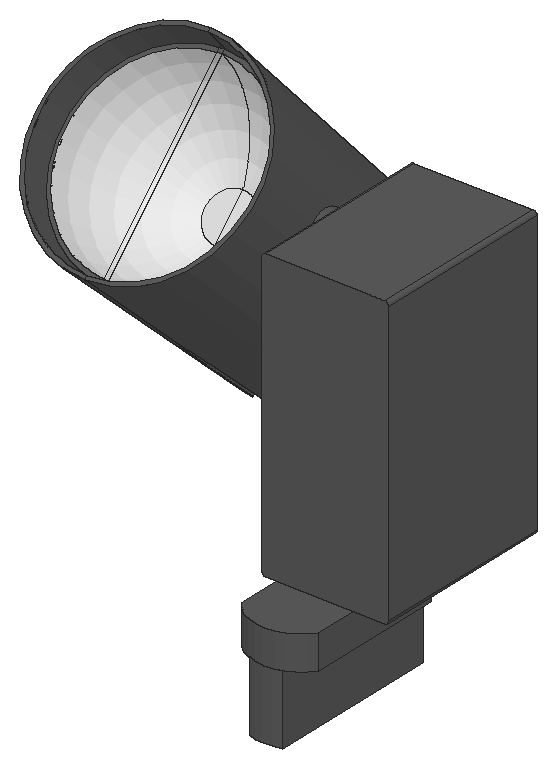
Revit family "0004887 Feilo Sylvania Lighting Fixture START TRACK SPOT S 24W 3K RA90 MB BLACK", category Lighting Fixtures, host Face, Revit 2017
Family settings
  Host = Face
  Round Connector Dimension = Use Diameter
  Part Type = Normal
  OmniClass Number = 23.80.70.00
  OmniClass Title = Lighting
  Cut with Voids When Loaded = No
  Light Source = No
  Shared = No
  Room Calculation Point = No
Parameters (values of type "0004887 START TRACK SPOT S 24W 3K RA90 MB BLACK")
  Weight = "0.966 kg"
  Wattage Comments = ""
  WarrantyStartDate [instance] = "n/a"
  WarrantyGuarantorParts = "n/a"
  WarrantyDurationUnit = "n/a"
  WarrantyDurationParts = "n/a"
  WarrantyDescription = "n/a"
  Voltage = 230 V
  URL = "http://www.sylvania-lighting.com"
  TypeName = "START TRACK SPOT S 24W 3K RA90 MB BLACK"
  TypeHead_FEILO = Start Track Spot Head : 0004887 START TRACK SPOT S 24W 3K RA90 MB BLACK
  TypeBox_FEILO = Start Track Spot Box : Type Small Black
  Type Image = <None>
  Type Comments = "n/a"
  VerticalRotation_FEILO [instance] = 0.00°
  SlideEndAngle_FEILO [instance] = VerticalRotation_FEILO + 180.00°  # 180.00°
  SerialNumber [instance] = "n/a"
  Material_3_FEILO = none
  PowerFactor = 0.95
  PowerConsumption = "24 W"
  NominalLength = 0 mm
  NominalHeight = 200 mm
  NominalDepth = 140 mm
  Name = "START TRACK SPOT S 24W 3K RA90 MB BLACK"
  ModelReference = Name  # "START TRACK SPOT S 24W 3K RA90 MB BLACK"
  ModelNumber = "0004887"
  Model = Name  # "START TRACK SPOT S 24W 3K RA90 MB BLACK"
  Material = "adc12 aluminium housing, polycarbonate diffuser"
  ManufacturerName = "Feilo Sylvania"
  Manufacturer = "Feilo Sylvania"
  LuminousEfficacy = "81 lm/W"
  LuminaireType = ""
  LightOutputRatio = "100"
  LampsType = Lamp  # "LED"
  LampNominalLuminous = "1944 lm"
  LampMacAdamStep = "3"
  LampColourTemperature = "3000 K"
  LampColourRenderingIndex = "90"
  Lamp = "LED"
  Keynote = "16500"
  InstallationDate [instance] = "n/a"
  InputVoltage = "230-240V~"
  InputNominalFrequency = "50/60 Hz"
  IngressProtection = "IP20"
  ImpactProtectionIndex = "IK02"
  IfcExportType = "IfcLightFixtureType"
  IfcExportAs = "IfcLightFixtureType"
  HorizontalRotation_FEILO [instance] = 45.00°
  ExpectedLife = 50000
  ElectricShockClassification = "Class II"
  DurationUnit = "hours"
  DocumentationLiterature = "http://www.sylvania-lighting.com/product/en-int/products/0004887"
  DimmingControlOptions = "Non dimmable"
  Material_2_FEILO = none
  Description = "Integrated LED spotlight, Textured Black - RAL9005, compact and minimalist design, ideal for retail applications, die-cast aluminium body, passive cooling heatsink. Beam angle: 36°, color temperature: 3000K , total system power: 24W, total fixture output: 1944 lm, LOR: 100%, colour rendering: Ra: 90 typical, LED Chromaticity: 3 step MacAdam ellipse, lifetime: >50000 hours at L70B50, energy class: A++, A+, A, IR/UV free light source without heat radiation, operating voltage: 220-240V / 50-60Hz, drive current: 600mA, electronic driver, non-dimmable, power factor: 0.95, electrical protection: Class II, Global Track 3 Phase adapter suitable for Global trac 3-circuit tracks, ingress protection rating: IP20, suitable for internal environment only, horizontal rotation: 355°, vertical tilt: 90°, dimensions: Ø86x140x200, weight: 0.966kg."
  Default Elevation = 1219.2 mm
  CreatedOn = "12/12/2017"
  CreatedBy = ""
  Cost = 0
  built-in parameter 1114216 [instance] = (empty or 0)
  ClassificationValue = "EF_70_80"
  ClassificationName = "Uniclass2015"
  Material_1_FEILO = Body-Sylvania-StartTrackSpot-Black
  BarCode [instance] = "n/a"
  AssetType = "Fixed"
  AssetIdentifier [instance] = "n/a"
  Assembly Code = "D5020200"
  Apparent Load = 24 VA
  Material_4_FEILO = none
Reference planes
  plane 1 "Center (Front/Back)": y = 0
  plane 2: z = 0
  plane 3 "Center (Left/Right)": x = 0
  plane 4: x = 15
  plane 5: x = -15
  plane 6: y = 35
  plane 7: y = -35
  plane 8: z = 13
  plane 9: z = -27
  plane 10: x = 6.5
  plane 11: x = -6.5
  plane 12: y = 27
  plane 13: y = -27
  plane 14: y = 20
Forms (mm)
  Extrusion 1, solid, material "Body-Sylvania-StartTrackSpot-Black" <- "Material_1_FEILO"
    sketch origin (0, 0, 0) x (1, 0, 0) y (0, 1, 0)
      loop
        line (-15, 27) -> (-15, -27)
        arc (-15, -27) -> (0, -35) -> (15, -27) r 18.062
        line (15, -27) -> (15, 27)
        arc (15, 27) -> (0, 35) -> (-15, 27) r 18.062
    from 0 to 13
  Extrusion 2, solid, material "Body-Sylvania-StartTrackSpot-Black" <- "Material_1_FEILO"
    sketch origin (0, 0, 0) x (1, 0, 0) y (0, 1, 0)
      loop
        arc (6.5, 33.79) -> (0, 35) -> (-6.5, 33.79) r 18.062
        line (-6.5, 33.79) -> (-6.5, -33.79)
        arc (-6.5, -33.79) -> (0, -35) -> (6.5, -33.79) r 18.062
        line (6.5, -33.79) -> (6.5, 33.79)
    from 0 to -27
  Revolve 3, solid, not visible
    sketch origin (1524, 20, 1219.2) x (1, 0, 0) y (0, 0, 1)
      loop
        line (-1524, -1206.2) -> (-1524, -1191.285) -> (-1530.5, -1191.285) -> (-1530.5, -1206.2) -> (-1524, -1206.2)
      axis (-1524, -1191.285) -> (-1524, -1206.2)
    angle from 0 <- "VerticalRotation_FEILO" to 180 <- "SlideEndAngle_FEILO"
Cuts and joins
  joined: Extrusion 1, Extrusion 2
Dimensions and locks
  equal spacing: plane 10, plane 3 "Center (Left/Right)", plane 11
  equal spacing: plane 4, plane 3 "Center (Left/Right)", plane 5
  locked: plane 8 to plane 2 at 13
  locked: plane 8 to plane 9 at 40
  equal spacing: plane 13, plane 1 "Center (Front/Back)", plane 12
  locked: plane 12 to plane 6 at 8
  locked: plane 14 to plane 6 at 15
  locked: Revolve 3 sketch curve to plane 8 at 14.915
  aligned and locked: plane 2 to host face
  aligned and locked: level to host face
  aligned and locked: plane 5 to Extrusion 1 sketch curve  (x2)
  aligned and locked: plane 12 to Extrusion 1 sketch curve
  aligned and locked: plane 13 to Extrusion 1 sketch curve
  aligned and locked: plane 4 to Extrusion 1 sketch curve
  aligned and locked: Extrusion 1 to plane 8
  aligned and locked: Extrusion 1 to level
  aligned and locked: Extrusion 2 sketch curve to Extrusion 1  (x2)
  aligned and locked: Extrusion 2 sketch curve to plane 11
  aligned and locked: plane 10 to Extrusion 2 sketch curve
  aligned and locked: plane 9 to Extrusion 2
  aligned and locked: level to Extrusion 2
  aligned and locked: Revolve 3 sketch curve to plane 3 "Center (Left/Right)"  (x2)
  aligned and locked: plane 11 to Revolve 3 sketch curve
  aligned and locked: Revolve 3 sketch curve to plane 8
Automatic sketch dimensions
  host sketch curve to host sketch curve = 2438.4 mm  (x2)
  Extrusion 1 sketch curve to plane 3 "Center (Left/Right)" = 0 mm  (x2)
  Extrusion 1 sketch curve to plane 13 = 10.062 mm
  plane 12 to Extrusion 1 sketch curve = 10.062 mm
  Revolve 3 sketch curve to plane 3 "Center (Left/Right)" = 0 mm
  plane 9 to Revolve 3 sketch curve = 582.6 mm
  Revolve 3 sketch curve to Revolve 3 sketch curve = 2581.144 mm
Nested families
  nested 1: "Start Track Spot Head" at (-62, 20, 112.529) x (0, 0.7071, 0.7071) z (0, 0.7071, -0.7071), type <- "TypeHead_FEILO", type "0004887 START TRACK SPOT S 24W 3K RA90 MB BLACK"
    with built-in parameter 1114216 (empty or 0)
  nested 2: "Start Track Spot Box" at (8.5, 20, 73) x (-1, 0, 0) z (0, -1, 0), BoxStartAngle_FEILO <- "HorizontalRotation_FEILO", type <- "TypeBox_FEILO", type "Type Small Black"
    with BoxStartAngle_FEILO 45.00°, BoxEndAngle_FEILO -135.00°
Connectors
  electrical at (0, 0, 0), driven by "Apparent Load", driven by "PowerFactor", driven by "Voltage"
    settings: index 1, voltage 230 V, apparent load 24 VA, apparent load phase1 0 VA, apparent load phase2 0 VA, apparent load phase3 0 VA, power factor 0.95, load classification "Lighting", number of poles 1, system type 30, power factor state 1, is connector primary yes, connector utility no, sub classification motor no, connector description ""
Definition of nested family "Start Track Spot Head"
  Parameters (values of type "0004811 START TRACK SPOT S 14W 3K RA80 NB WHITE")
    Wattage Comments = "n/a"
    Wattage = 14 W
    built-in parameter 1150110 = 1 (stored number, unit not read)
    URL = "http://www.feilosylvania.com"
    Type Image = (empty or 0)
    Type Comments = "n/a"
    built-in parameter 1114217 = 1 (stored number, unit not read)
    Tilt Angle = -90.00°
    built-in parameter 1150109 = 1 (stored number, unit not read)
    built-in parameter 1150134 = (empty or 0)
    built-in parameter 1150113 = 1 (stored number, unit not read)
    Photometric Web File = "0004811.ies"
    Material_3_FEILO = none
    Model = "START TRACK SPOT S 14W 3K RA80 NB WHITE"
    Manufacturer = "Feilo Sylvania"
    built-in parameter 1150105 = 123.66 (stored number, unit not read)
    Lumens = 1554 lm
    built-in parameter 1150115 = 1 (stored number, unit not read)
    built-in parameter 1150137 = (empty or 0)
    built-in parameter 1150139 = (empty or 0)
    built-in parameter 1150112 = 1 (stored number, unit not read)
    built-in parameter 1150114 = 1 (stored number, unit not read)
    Lamp = "LED"
    Keynote = "16500"
    Material_2_FEILO = none
    built-in parameter 1150132 = (empty or 0)
    built-in parameter 1150102 = (empty or 0)
    built-in parameter 1150107 = 3000 (stored number, unit not read)
    built-in parameter 1150138 = (empty or 0)
    built-in parameter 1150106 = 1.2366 (stored number, unit not read)
    HeadThickness_FEILO = if(HeadDiaOut_FEILO > 112 mm, 2 mm, 1.5 mm)  # 1.5 mm
    HeadRibOffset_FEILO = HeadHeight_FEILO / 28  # 4.179 mm
    HeadRibDepth_FEILO = HeadHeight_FEILO / 2.1  # 55.714 mm
    HeadRibCutWidth_FEILO = HeadDiaOut_FEILO / 12  # 7.167 mm
    HeadRibCutOffset_FEILO = HeadHeight_FEILO / 2.3  # 50.87 mm
    HeadReflectorRadius_FEILO = HeadDiaOut_FEILO / 1.7  # 50.588 mm
    HeadReflectorOffset_FEILO = HeadHeight_FEILO / 2.1  # 55.714 mm
    HeadLEDRadius_FEILO = HeadDiaOut_FEILO / 9  # 9.556 mm
    HeadHeight_FEILO = 117 mm
    HeadDraft_FEILO = 1 mm
    HeadDiffusorThickness_FEILO = 3 mm
    HeadDiffusorOffset_FEILO = HeadHeight_FEILO / 12.4  # 9.435 mm
    HeadDiaOut_FEILO = 86 mm
    HeadDiaIn_FEILO = HeadDiaOut_FEILO / 1.11  # 77.477 mm
    HeadAxisFromTop_FEILO = HeadHeight_FEILO / 1.687  # 69.354 mm
    Emit from Circle Diameter = HeadDiaIn_FEILO  # 77.477 mm
    Emit Shape Visible in Rendering = no
    built-in parameter 1150104 = 10.312 (stored number, unit not read)
    Dimming Lamp Color Temperature Shift = (empty or 0)
    Description = "Integrated LED spotlight, Textured White - RAL9016, compact and minimalist design, ideal for retail applications, die-cast aluminium body, passive cooling heatsink. Beam angle: 12°, color temperature: 3000K , total system power: 14W, total fixture output: 1551 lm, LOR: 100%, colour rendering: Ra: 80 typical, LED Chromaticity: 3 step MacAdam ellipse, lifetime: >50000 hours at L70B50, energy class: A++, A+, A, IR/UV free light source without heat radiation, operating voltage: 220-240V / 50-60Hz, drive current: 350mA, electronic driver, non-dimmable, power factor: 0.92, electrical protection: Class II, Global Track 3 Phase adapter suitable for Global trac 3-circuit tracks, ingress protection rating: IP20, suitable for internal environment only, horizontal rotation: 355°, vertical tilt: 90°, dimensions: Ø86x140x200, weight: 0.940kg."
    Default Elevation = 1219.2 mm
    Cost = 0
    Color Filter = 16777215
    built-in parameter 1114216 [instance] = (empty or 0)
    Material_1_FEILO = none
    built-in parameter 1114218 = 1 (stored number, unit not read)
    built-in parameter 1150133 = 10 (stored number, unit not read)
    Assembly Code = "D5020200"
    Apparent Load = 14 VA
    Material_4_FEILO = none
  Types (96, lengths in mm): name | Wattage | built-in parameter 1150134 | Photometric Web File | Model | built-in parameter 1150105 | Lumens | built-in parameter 1150107 | built-in parameter 1150106 | HeadThickness_FEILO | HeadRibOffset_FEILO | HeadRibDepth_FEILO | HeadRibCutWidth_FEILO | HeadRibCutOffset_FEILO | HeadReflectorRadius_FEILO | HeadReflectorOffset_FEILO | HeadLEDRadius_FEILO | HeadHeight_FEILO | HeadDiffusorOffset_FEILO | HeadDiaOut_FEILO | HeadDiaIn_FEILO | HeadAxisFromTop_FEILO | Emit from Circle Diameter | built-in parameter 1150104 | Description | Apparent Load
    0004906 START TRACK SPOT L 55W 4K RA90 WB BLACK | 55 W | 12 | "0004906.ies" | "START TRACK SPOT L 55W 4K RA90 WB BLACK" | 385.15 (stored number, unit not read) | 4840 lm | 4000 (stored number, unit not read) | 3.8515 (stored number, unit not read) | 2 | 4.429 | 59.048 | 9.417 | 53.913 | 66.471 | 59.048 | 12.556 | 124 | 10 | 113 | 101.802 | 73.503 | 101.802 | 8.1755 (stored number, unit not read) | "Integrated LED spotlight, Textured Black - RAL9005, compact and minimalist design, ideal for retail applications, die-cast aluminium body, passive cooling heatsink. Beam angle: 52°, color temperature: 4000K , total system power: 55W, total fixture output: 4824 lm, LOR: 100%, colour rendering: Ra: 90 typical, LED Chromaticity: 3 step MacAdam ellipse, lifetime: >50000 hours at L70B50, energy class: A++, A+, A, IR/UV free light source without heat radiation, operating voltage: 220-240V / 50-60Hz, drive current: 1400mA, electronic driver, non-dimmable, power factor: 0.96, electrical protection: Class II, Global Track 3 Phase adapter suitable for Global trac 3-circuit tracks, ingress protection rating: IP20, suitable for internal environment only, horizontal rotation: 355°, vertical tilt: 90°, dimensions: Ø113x164x240, weight: 1.398kg." | 55 VA
    0004905 START TRACK SPOT L 55W 4K RA90 MB BLACK | 55 W | 12 | "0004905.ies" | "START TRACK SPOT L 55W 4K RA90 MB BLACK" | 389.53 (stored number, unit not read) | 4895 lm | 4000 (stored number, unit not read) | 3.8953 (stored number, unit not read) | 2 | 4.429 | 59.048 | 9.417 | 53.913 | 66.471 | 59.048 | 12.556 | 124 | 10 | 113 | 101.802 | 73.503 | 101.802 | 8.2684 (stored number, unit not read) | "Integrated LED spotlight, Textured Black - RAL9005, compact and minimalist design, ideal for retail applications, die-cast aluminium body, passive cooling heatsink. Beam angle: 38°, color temperature: 4000K , total system power: 55W, total fixture output: 4897 lm, LOR: 100%, colour rendering: Ra: 90 typical, LED Chromaticity: 3 step MacAdam ellipse, lifetime: >50000 hours at L70B50, energy class: A++, A+, A, IR/UV free light source without heat radiation, operating voltage: 220-240V / 50-60Hz, drive current: 1400mA, electronic driver, non-dimmable, power factor: 0.96, electrical protection: Class II, Global Track 3 Phase adapter suitable for Global trac 3-circuit tracks, ingress protection rating: IP20, suitable for internal environment only, horizontal rotation: 355°, vertical tilt: 90°, dimensions: Ø113x164x240, weight: 1.398kg." | 55 VA
    0004904 START TRACK SPOT L 55W 4K RA90 NB BLACK | 55 W | 12 | "0004904.ies" | "START TRACK SPOT L 55W 4K RA90 NB BLACK" | 393.91 (stored number, unit not read) | 4950 lm | 4000 (stored number, unit not read) | 3.9391 (stored number, unit not read) | 2 | 4.429 | 59.048 | 9.417 | 53.913 | 66.471 | 59.048 | 12.556 | 124 | 10 | 113 | 101.802 | 73.503 | 101.802 | 8.3613 (stored number, unit not read) | "Integrated LED spotlight, Textured Black - RAL9005, compact and minimalist design, ideal for retail applications, die-cast aluminium body, passive cooling heatsink. Beam angle: 15°, color temperature: 4000K , total system power: 55W, total fixture output: 4965 lm, LOR: 100%, colour rendering: Ra: 90 typical, LED Chromaticity: 3 step MacAdam ellipse, lifetime: >50000 hours at L70B50, energy class: A++, A+, A, IR/UV free light source without heat radiation, operating voltage: 220-240V / 50-60Hz, drive current: 1400mA, electronic driver, non-dimmable, power factor: 0.96, electrical protection: Class II, Global Track 3 Phase adapter suitable for Global trac 3-circuit tracks, ingress protection rating: IP20, suitable for internal environment only, horizontal rotation: 355°, vertical tilt: 90°, dimensions: Ø113x164x240, weight: 1.398kg." | 55 VA
    0004903 START TRACK SPOT L 35W 4K RA90 WB BLACK | 35 W | 12 | "0004903.ies" | "START TRACK SPOT L 35W 4K RA90 WB BLACK" | 284.09 (stored number, unit not read) | 3570 lm | 4000 (stored number, unit not read) | 2.8409 (stored number, unit not read) | 2 | 4.429 | 59.048 | 9.417 | 53.913 | 66.471 | 59.048 | 12.556 | 124 | 10 | 113 | 101.802 | 73.503 | 101.802 | 9.4761 (stored number, unit not read) | "Integrated LED spotlight, Textured Black - RAL9005, compact and minimalist design, ideal for retail applications, die-cast aluminium body, passive cooling heatsink. Beam angle: 52°, color temperature: 4000K , total system power: 35W, total fixture output: 3562 lm, LOR: 100%, colour rendering: Ra: 90 typical, LED Chromaticity: 3 step MacAdam ellipse, lifetime: >50000 hours at L70B50, energy class: A++, A+, A, IR/UV free light source without heat radiation, operating voltage: 220-240V / 50-60Hz, drive current: 900mA, electronic driver, non-dimmable, power factor: 0.93, electrical protection: Class II, Global Track 3 Phase adapter suitable for Global trac 3-circuit tracks, ingress protection rating: IP20, suitable for internal environment only, horizontal rotation: 355°, vertical tilt: 90°, dimensions: Ø113x164x240, weight: 1.368kg." | 35 VA
    0004902 START TRACK SPOT L 35W 4K RA90 MB BLACK | 35 W | 12 | "0004902.ies" | "START TRACK SPOT L 35W 4K RA90 MB BLACK" | 286.88 (stored number, unit not read) | 3605 lm | 4000 (stored number, unit not read) | 2.8688 (stored number, unit not read) | 2 | 4.429 | 59.048 | 9.417 | 53.913 | 66.471 | 59.048 | 12.556 | 124 | 10 | 113 | 101.802 | 73.503 | 101.802 | 9.569 (stored number, unit not read) | "Integrated LED spotlight, Textured Black - RAL9005, compact and minimalist design, ideal for retail applications, die-cast aluminium body, passive cooling heatsink. Beam angle: 38°, color temperature: 4000K , total system power: 35W, total fixture output: 3616 lm, LOR: 100%, colour rendering: Ra: 90 typical, LED Chromaticity: 3 step MacAdam ellipse, lifetime: >50000 hours at L70B50, energy class: A++, A+, A, IR/UV free light source without heat radiation, operating voltage: 220-240V / 50-60Hz, drive current: 900mA, electronic driver, non-dimmable, power factor: 0.93, electrical protection: Class II, Global Track 3 Phase adapter suitable for Global trac 3-circuit tracks, ingress protection rating: IP20, suitable for internal environment only, horizontal rotation: 355°, vertical tilt: 90°, dimensions: Ø113x164x240, weight: 1.368kg." | 35 VA
    0004901 START TRACK SPOT L 35W 4K RA90 NB BLACK | 35 W | 12 | "0004901.ies" | "START TRACK SPOT L 35W 4K RA90 NB BLACK" | 286.88 (stored number, unit not read) | 3605 lm | 4000 (stored number, unit not read) | 2.8688 (stored number, unit not read) | 2 | 4.429 | 59.048 | 9.417 | 53.913 | 66.471 | 59.048 | 12.556 | 124 | 10 | 113 | 101.802 | 73.503 | 101.802 | 9.569 (stored number, unit not read) | "Integrated LED spotlight, Textured Black - RAL9005, compact and minimalist design, ideal for retail applications, die-cast aluminium body, passive cooling heatsink. Beam angle: 15°, color temperature: 4000K , total system power: 35W, total fixture output: 3593 lm, LOR: 100%, colour rendering: Ra: 90 typical, LED Chromaticity: 3 step MacAdam ellipse, lifetime: >50000 hours at L70B50, energy class: A++, A+, A, IR/UV free light source without heat radiation, operating voltage: 220-240V / 50-60Hz, drive current: 900mA, electronic driver, non-dimmable, power factor: 0.93, electrical protection: Class II, Global Track 3 Phase adapter suitable for Global trac 3-circuit tracks, ingress protection rating: IP20, suitable for internal environment only, horizontal rotation: 355°, vertical tilt: 90°, dimensions: Ø113x164x240, weight: 1.368kg." | 35 VA
    0004900 START TRACK SPOT S 24W 4K RA90 WB BLACK | 24 W | 12 | "0004900.ies" | "START TRACK SPOT S 24W 4K RA90 WB BLACK" | 166.16 (stored number, unit not read) | 2088 lm | 4000 (stored number, unit not read) | 1.6616 (stored number, unit not read) | 1.5 | 4.179 | 55.714 | 7.167 | 50.87 | 50.588 | 55.714 | 9.556 | 117 | 9.435 | 86 | 77.477 | 69.354 | 77.477 | 8.0826 (stored number, unit not read) | "Integrated LED spotlight, Textured Black - RAL9005, compact and minimalist design, ideal for retail applications, die-cast aluminium body, passive cooling heatsink. Beam angle: 64°, color temperature: 4000K , total system power: 24W, total fixture output: 2087 lm, LOR: 100%, colour rendering: Ra: 90 typical, LED Chromaticity: 3 step MacAdam ellipse, lifetime: >50000 hours at L70B50, energy class: A++, A+, A, IR/UV free light source without heat radiation, operating voltage: 220-240V / 50-60Hz, drive current: 600mA, electronic driver, non-dimmable, power factor: 0.95, electrical protection: Class II, Global Track 3 Phase adapter suitable for Global trac 3-circuit tracks, ingress protection rating: IP20, suitable for internal environment only, horizontal rotation: 355°, vertical tilt: 90°, dimensions: Ø86x140x200, weight: 0.966kg." | 24 VA
    0004899 START TRACK SPOT S 24W 4K RA90 MB BLACK | 24 W | 12 | "0004899.ies" | "START TRACK SPOT S 24W 4K RA90 MB BLACK" | 169.98 (stored number, unit not read) | 2136 lm | 4000 (stored number, unit not read) | 1.6998 (stored number, unit not read) | 1.5 | 4.179 | 55.714 | 7.167 | 50.87 | 50.588 | 55.714 | 9.556 | 117 | 9.435 | 86 | 77.477 | 69.354 | 77.477 | 8.2684 (stored number, unit not read) | "Integrated LED spotlight, Textured Black - RAL9005, compact and minimalist design, ideal for retail applications, die-cast aluminium body, passive cooling heatsink. Beam angle: 36°, color temperature: 4000K , total system power: 24W, total fixture output: 2141 lm, LOR: 100%, colour rendering: Ra: 90 typical, LED Chromaticity: 3 step MacAdam ellipse, lifetime: >50000 hours at L70B50, energy class: A++, A+, A, IR/UV free light source without heat radiation, operating voltage: 220-240V / 50-60Hz, drive current: 600mA, electronic driver, non-dimmable, power factor: 0.95, electrical protection: Class II, Global Track 3 Phase adapter suitable for Global trac 3-circuit tracks, ingress protection rating: IP20, suitable for internal environment only, horizontal rotation: 355°, vertical tilt: 90°, dimensions: Ø86x140x200, weight: 0.966kg." | 24 VA
    0004898 START TRACK SPOT S 24W 4K RA90 NB BLACK | 24 W | 12 | "0004898.ies" | "START TRACK SPOT S 24W 4K RA90 NB BLACK" | 171.89 (stored number, unit not read) | 2160 lm | 4000 (stored number, unit not read) | 1.7189 (stored number, unit not read) | 1.5 | 4.179 | 55.714 | 7.167 | 50.87 | 50.588 | 55.714 | 9.556 | 117 | 9.435 | 86 | 77.477 | 69.354 | 77.477 | 8.3613 (stored number, unit not read) | "Integrated LED spotlight, Textured Black - RAL9005, compact and minimalist design, ideal for retail applications, die-cast aluminium body, passive cooling heatsink. Beam angle: 12°, color temperature: 4000K , total system power: 24W, total fixture output: 2155 lm, LOR: 100%, colour rendering: Ra: 90 typical, LED Chromaticity: 3 step MacAdam ellipse, lifetime: >50000 hours at L70B50, energy class: A++, A+, A, IR/UV free light source without heat radiation, operating voltage: 220-240V / 50-60Hz, drive current: 600mA, electronic driver, non-dimmable, power factor: 0.95, electrical protection: Class II, Global Track 3 Phase adapter suitable for Global trac 3-circuit tracks, ingress protection rating: IP20, suitable for internal environment only, horizontal rotation: 355°, vertical tilt: 90°, dimensions: Ø86x140x200, weight: 0.966kg." | 24 VA
    0004897 START TRACK SPOT S 14W 4K RA90 WB BLACK | 14 W | 12 | "0004897.ies" | "START TRACK SPOT S 14W 4K RA90 WB BLACK" | 108.07 (stored number, unit not read) | 1358 lm | 4000 (stored number, unit not read) | 1.0807 (stored number, unit not read) | 1.5 | 4.179 | 55.714 | 7.167 | 50.87 | 50.588 | 55.714 | 9.556 | 117 | 9.435 | 86 | 77.477 | 69.354 | 77.477 | 9.0116 (stored number, unit not read) | "Integrated LED spotlight, Textured Black - RAL9005, compact and minimalist design, ideal for retail applications, die-cast aluminium body, passive cooling heatsink. Beam angle: 64°, color temperature: 4000K , total system power: 14W, total fixture output: 1352 lm, LOR: 100%, colour rendering: Ra: 90 typical, LED Chromaticity: 3 step MacAdam ellipse, lifetime: >50000 hours at L70B50, energy class: A++, A+, A, IR/UV free light source without heat radiation, operating voltage: 220-240V / 50-60Hz, drive current: 350mA, electronic driver, non-dimmable, power factor: 0.92, electrical protection: Class II, Global Track 3 Phase adapter suitable for Global trac 3-circuit tracks, ingress protection rating: IP20, suitable for internal environment only, horizontal rotation: 355°, vertical tilt: 90°, dimensions: Ø86x140x200, weight: 0.940kg." | 14 VA
    0004896 START TRACK SPOT S 14W 4K RA90 MB BLACK | 14 W | 12 | "0004896.ies" | "START TRACK SPOT S 14W 4K RA90 MB BLACK" | 108.07 (stored number, unit not read) | 1358 lm | 4000 (stored number, unit not read) | 1.0807 (stored number, unit not read) | 1.5 | 4.179 | 55.714 | 7.167 | 50.87 | 50.588 | 55.714 | 9.556 | 117 | 9.435 | 86 | 77.477 | 69.354 | 77.477 | 9.0116 (stored number, unit not read) | "Integrated LED spotlight, Textured Black - RAL9005, compact and minimalist design, ideal for retail applications, die-cast aluminium body, passive cooling heatsink. Beam angle: 36°, color temperature: 4000K , total system power: 14W, total fixture output: 1359 lm, LOR: 100%, colour rendering: Ra: 90 typical, LED Chromaticity: 3 step MacAdam ellipse, lifetime: >50000 hours at L70B50, energy class: A++, A+, A, IR/UV free light source without heat radiation, operating voltage: 220-240V / 50-60Hz, drive current: 350mA, electronic driver, non-dimmable, power factor: 0.92, electrical protection: Class II, Global Track 3 Phase adapter suitable for Global trac 3-circuit tracks, ingress protection rating: IP20, suitable for internal environment only, horizontal rotation: 355°, vertical tilt: 90°, dimensions: Ø86x140x200, weight: 0.940kg." | 14 VA
    0004895 START TRACK SPOT S 14W 4K RA90 NB BLACK | 14 W | 12 | "0004895.ies" | "START TRACK SPOT S 14W 4K RA90 NB BLACK" | 106.95 (stored number, unit not read) | 1344 lm | 4000 (stored number, unit not read) | 1.0695 (stored number, unit not read) | 1.5 | 4.179 | 55.714 | 7.167 | 50.87 | 50.588 | 55.714 | 9.556 | 117 | 9.435 | 86 | 77.477 | 69.354 | 77.477 | 8.9187 (stored number, unit not read) | "Integrated LED spotlight, Textured Black - RAL9005, compact and minimalist design, ideal for retail applications, die-cast aluminium body, passive cooling heatsink. Beam angle: 12°, color temperature: 4000K , total system power: 14W, total fixture output: 1349 lm, LOR: 100%, colour rendering: Ra: 90 typical, LED Chromaticity: 3 step MacAdam ellipse, lifetime: >50000 hours at L70B50, energy class: A++, A+, A, IR/UV free light source without heat radiation, operating voltage: 220-240V / 50-60Hz, drive current: 350mA, electronic driver, non-dimmable, power factor: 0.92, electrical protection: Class II, Global Track 3 Phase adapter suitable for Global trac 3-circuit tracks, ingress protection rating: IP20, suitable for internal environment only, horizontal rotation: 355°, vertical tilt: 90°, dimensions: Ø86x140x200, weight: 0.940kg." | 14 VA
    0004894 START TRACK SPOT L 55W 3K RA90 WB BLACK | 55 W | (empty or 0) | "0004894.ies" | "START TRACK SPOT L 55W 3K RA90 WB BLACK" | 350.14 (stored number, unit not read) | 4400 lm | 3000 (stored number, unit not read) | 3.5014 (stored number, unit not read) | 2 | 4.429 | 59.048 | 9.417 | 53.913 | 66.471 | 59.048 | 12.556 | 124 | 10 | 113 | 101.802 | 73.503 | 101.802 | 7.4322 (stored number, unit not read) | "Integrated LED spotlight, Textured Black - RAL9005, compact and minimalist design, ideal for retail applications, die-cast aluminium body, passive cooling heatsink. Beam angle: 52°, color temperature: 3000K , total system power: 55W, total fixture output: 4405 lm, LOR: 100%, colour rendering: Ra: 90 typical, LED Chromaticity: 3 step MacAdam ellipse, lifetime: >50000 hours at L70B50, energy class: A++, A+, A, IR/UV free light source without heat radiation, operating voltage: 220-240V / 50-60Hz, drive current: 1400mA, electronic driver, non-dimmable, power factor: 0.96, electrical protection: Class II, Global Track 3 Phase adapter suitable for Global trac 3-circuit tracks, ingress protection rating: IP20, suitable for internal environment only, horizontal rotation: 355°, vertical tilt: 90°, dimensions: Ø113x164x240, weight: 1.398kg." | 55 VA
    0004893 START TRACK SPOT L 55W 3K RA90 MB BLACK | 55 W | (empty or 0) | "0004893.ies" | "START TRACK SPOT L 55W 3K RA90 MB BLACK" | 354.52 (stored number, unit not read) | 4455 lm | 3000 (stored number, unit not read) | 3.5452 (stored number, unit not read) | 2 | 4.429 | 59.048 | 9.417 | 53.913 | 66.471 | 59.048 | 12.556 | 124 | 10 | 113 | 101.802 | 73.503 | 101.802 | 7.5251 (stored number, unit not read) | "Integrated LED spotlight, Textured Black - RAL9005, compact and minimalist design, ideal for retail applications, die-cast aluminium body, passive cooling heatsink. Beam angle: 38°, color temperature: 3000K , total system power: 55W, total fixture output: 4448 lm, LOR: 100%, colour rendering: Ra: 90 typical, LED Chromaticity: 3 step MacAdam ellipse, lifetime: >50000 hours at L70B50, energy class: A++, A+, A, IR/UV free light source without heat radiation, operating voltage: 220-240V / 50-60Hz, drive current: 1400mA, electronic driver, non-dimmable, power factor: 0.96, electrical protection: Class II, Global Track 3 Phase adapter suitable for Global trac 3-circuit tracks, ingress protection rating: IP20, suitable for internal environment only, horizontal rotation: 355°, vertical tilt: 90°, dimensions: Ø113x164x240, weight: 1.398kg." | 55 VA
    0004892 START TRACK SPOT L 55W 3K RA90 NB BLACK | 55 W | (empty or 0) | "0004892.ies" | "START TRACK SPOT L 55W 3K RA90 NB BLACK" | 350.14 (stored number, unit not read) | 4400 lm | 3000 (stored number, unit not read) | 3.5014 (stored number, unit not read) | 2 | 4.429 | 59.048 | 9.417 | 53.913 | 66.471 | 59.048 | 12.556 | 124 | 10 | 113 | 101.802 | 73.503 | 101.802 | 7.4322 (stored number, unit not read) | "Integrated LED spotlight, Textured Black - RAL9005, compact and minimalist design, ideal for retail applications, die-cast aluminium body, passive cooling heatsink. Beam angle: 15°, color temperature: 3000K , total system power: 55W, total fixture output: 4416 lm, LOR: 100%, colour rendering: Ra: 90 typical, LED Chromaticity: 3 step MacAdam ellipse, lifetime: >50000 hours at L70B50, energy class: A++, A+, A, IR/UV free light source without heat radiation, operating voltage: 220-240V / 50-60Hz, drive current: 1400mA, electronic driver, non-dimmable, power factor: 0.96, electrical protection: Class II, Global Track 3 Phase adapter suitable for Global trac 3-circuit tracks, ingress protection rating: IP20, suitable for internal environment only, horizontal rotation: 355°, vertical tilt: 90°, dimensions: Ø113x164x240, weight: 1.398kg." | 55 VA
    0004891 START TRACK SPOT L 35W 3K RA90 WB BLACK | 35 W | (empty or 0) | "0004891.ies" | "START TRACK SPOT L 35W 3K RA90 WB BLACK" | 259.02 (stored number, unit not read) | 3255 lm | 3000 (stored number, unit not read) | 2.5902 (stored number, unit not read) | 2 | 4.429 | 59.048 | 9.417 | 53.913 | 66.471 | 59.048 | 12.556 | 124 | 10 | 113 | 101.802 | 73.503 | 101.802 | 8.64 (stored number, unit not read) | "Integrated LED spotlight, Textured Black - RAL9005, compact and minimalist design, ideal for retail applications, die-cast aluminium body, passive cooling heatsink. Beam angle: 52°, color temperature: 3000K , total system power: 35W, total fixture output: 3260 lm, LOR: 100%, colour rendering: Ra: 90 typical, LED Chromaticity: 3 step MacAdam ellipse, lifetime: >50000 hours at L70B50, energy class: A++, A+, A, IR/UV free light source without heat radiation, operating voltage: 220-240V / 50-60Hz, drive current: 900mA, electronic driver, non-dimmable, power factor: 0.93, electrical protection: Class II, Global Track 3 Phase adapter suitable for Global trac 3-circuit tracks, ingress protection rating: IP20, suitable for internal environment only, horizontal rotation: 355°, vertical tilt: 90°, dimensions: Ø113x164x240, weight: 1.368kg." | 35 VA
    0004890 START TRACK SPOT L 35W 3K RA90 MB BLACK | 35 W | (empty or 0) | "0004890.ies" | "START TRACK SPOT L 35W 3K RA90 MB BLACK" | 261.81 (stored number, unit not read) | 3290 lm | 3000 (stored number, unit not read) | 2.6181 (stored number, unit not read) | 2 | 4.429 | 59.048 | 9.417 | 53.913 | 66.471 | 59.048 | 12.556 | 124 | 10 | 113 | 101.802 | 73.503 | 101.802 | 8.7329 (stored number, unit not read) | "Integrated LED spotlight, Textured Black - RAL9005, compact and minimalist design, ideal for retail applications, die-cast aluminium body, passive cooling heatsink. Beam angle: 38°, color temperature: 3000K , total system power: 35W, total fixture output: 3306 lm, LOR: 100%, colour rendering: Ra: 90 typical, LED Chromaticity: 3 step MacAdam ellipse, lifetime: >50000 hours at L70B50, energy class: A++, A+, A, IR/UV free light source without heat radiation, operating voltage: 220-240V / 50-60Hz, drive current: 900mA, electronic driver, non-dimmable, power factor: 0.93, electrical protection: Class II, Global Track 3 Phase adapter suitable for Global trac 3-circuit tracks, ingress protection rating: IP20, suitable for internal environment only, horizontal rotation: 355°, vertical tilt: 90°, dimensions: Ø113x164x240, weight: 1.368kg." | 35 VA
    0004889 START TRACK SPOT L 35W 3K RA90 NB BLACK | 35 W | (empty or 0) | "0004889.ies" | "START TRACK SPOT L 35W 3K RA90 NB BLACK" | 261.81 (stored number, unit not read) | 3290 lm | 3000 (stored number, unit not read) | 2.6181 (stored number, unit not read) | 2 | 4.429 | 59.048 | 9.417 | 53.913 | 66.471 | 59.048 | 12.556 | 124 | 10 | 113 | 101.802 | 73.503 | 101.802 | 8.7329 (stored number, unit not read) | "Integrated LED spotlight, Textured Black - RAL9005, compact and minimalist design, ideal for retail applications, die-cast aluminium body, passive cooling heatsink. Beam angle: 15°, color temperature: 3000K , total system power: 35W, total fixture output: 3287 lm, LOR: 100%, colour rendering: Ra: 90 typical, LED Chromaticity: 3 step MacAdam ellipse, lifetime: >50000 hours at L70B50, energy class: A++, A+, A, IR/UV free light source without heat radiation, operating voltage: 220-240V / 50-60Hz, drive current: 900mA, electronic driver, non-dimmable, power factor: 0.93, electrical protection: Class II, Global Track 3 Phase adapter suitable for Global trac 3-circuit tracks, ingress protection rating: IP20, suitable for internal environment only, horizontal rotation: 355°, vertical tilt: 90°, dimensions: Ø113x164x240, weight: 1.368kg." | 35 VA
    0004888 START TRACK SPOT S 24W 3K RA90 WB BLACK | 24 W | (empty or 0) | "0004888.ies" | "START TRACK SPOT S 24W 3K RA90 WB BLACK" | 152.79 (stored number, unit not read) | 1920 lm | 3000 (stored number, unit not read) | 1.5279 (stored number, unit not read) | 1.5 | 4.179 | 55.714 | 7.167 | 50.87 | 50.588 | 55.714 | 9.556 | 117 | 9.435 | 86 | 77.477 | 69.354 | 77.477 | 7.4322 (stored number, unit not read) | "Integrated LED spotlight, Textured Black - RAL9005, compact and minimalist design, ideal for retail applications, die-cast aluminium body, passive cooling heatsink. Beam angle: 64°, color temperature: 3000K , total system power: 24W, total fixture output: 1928 lm, LOR: 100%, colour rendering: Ra: 90 typical, LED Chromaticity: 3 step MacAdam ellipse, lifetime: >50000 hours at L70B50, energy class: A++, A+, A, IR/UV free light source without heat radiation, operating voltage: 220-240V / 50-60Hz, drive current: 600mA, electronic driver, non-dimmable, power factor: 0.95, electrical protection: Class II, Global Track 3 Phase adapter suitable for Global trac 3-circuit tracks, ingress protection rating: IP20, suitable for internal environment only, horizontal rotation: 355°, vertical tilt: 90°, dimensions: Ø86x140x200, weight: 0.966kg." | 24 VA
    0004887 START TRACK SPOT S 24W 3K RA90 MB BLACK | 24 W | (empty or 0) | "0004887.ies" | "START TRACK SPOT S 24W 3K RA90 MB BLACK" | 154.7 (stored number, unit not read) | 1944 lm | 3000 (stored number, unit not read) | 1.547 (stored number, unit not read) | 1.5 | 4.179 | 55.714 | 7.167 | 50.87 | 50.588 | 55.714 | 9.556 | 117 | 9.435 | 86 | 77.477 | 69.354 | 77.477 | 7.5251 (stored number, unit not read) | "Integrated LED spotlight, Textured Black - RAL9005, compact and minimalist design, ideal for retail applications, die-cast aluminium body, passive cooling heatsink. Beam angle: 36°, color temperature: 3000K , total system power: 24W, total fixture output: 1944 lm, LOR: 100%, colour rendering: Ra: 90 typical, LED Chromaticity: 3 step MacAdam ellipse, lifetime: >50000 hours at L70B50, energy class: A++, A+, A, IR/UV free light source without heat radiation, operating voltage: 220-240V / 50-60Hz, drive current: 600mA, electronic driver, non-dimmable, power factor: 0.95, electrical protection: Class II, Global Track 3 Phase adapter suitable for Global trac 3-circuit tracks, ingress protection rating: IP20, suitable for internal environment only, horizontal rotation: 355°, vertical tilt: 90°, dimensions: Ø86x140x200, weight: 0.966kg." | 24 VA
    0004886 START TRACK SPOT S 24W 3K RA90 NB BLACK | 24 W | (empty or 0) | "0004886.ies" | "START TRACK SPOT S 24W 3K RA90 NB BLACK" | 158.52 (stored number, unit not read) | 1992 lm | 3000 (stored number, unit not read) | 1.5852 (stored number, unit not read) | 1.5 | 4.179 | 55.714 | 7.167 | 50.87 | 50.588 | 55.714 | 9.556 | 117 | 9.435 | 86 | 77.477 | 69.354 | 77.477 | 7.711 (stored number, unit not read) | "Integrated LED spotlight, Textured Black - RAL9005, compact and minimalist design, ideal for retail applications, die-cast aluminium body, passive cooling heatsink. Beam angle: 12°, color temperature: 3000K , total system power: 24W, total fixture output: 1987 lm, LOR: 100%, colour rendering: Ra: 90 typical, LED Chromaticity: 3 step MacAdam ellipse, lifetime: >50000 hours at L70B50, energy class: A++, A+, A, IR/UV free light source without heat radiation, operating voltage: 220-240V / 50-60Hz, drive current: 600mA, electronic driver, non-dimmable, power factor: 0.95, electrical protection: Class II, Global Track 3 Phase adapter suitable for Global trac 3-circuit tracks, ingress protection rating: IP20, suitable for internal environment only, horizontal rotation: 355°, vertical tilt: 90°, dimensions: Ø86x140x200, weight: 0.966kg." | 24 VA
    0004885 START TRACK SPOT S 14W 3K RA90 WB BLACK | 14 W | (empty or 0) | "0004885.ies" | "START TRACK SPOT S 14W 3K RA90 WB BLACK" | 100.27 (stored number, unit not read) | 1260 lm | 3000 (stored number, unit not read) | 1.0027 (stored number, unit not read) | 1.5 | 4.179 | 55.714 | 7.167 | 50.87 | 50.588 | 55.714 | 9.556 | 117 | 9.435 | 86 | 77.477 | 69.354 | 77.477 | 8.3613 (stored number, unit not read) | "Integrated LED spotlight, Textured Black - RAL9005, compact and minimalist design, ideal for retail applications, die-cast aluminium body, passive cooling heatsink. Beam angle: 64°, color temperature: 3000K , total system power: 14W, total fixture output: 1262 lm, LOR: 100%, colour rendering: Ra: 90 typical, LED Chromaticity: 3 step MacAdam ellipse, lifetime: >50000 hours at L70B50, energy class: A++, A+, A, IR/UV free light source without heat radiation, operating voltage: 220-240V / 50-60Hz, drive current: 350mA, electronic driver, non-dimmable, power factor: 0.92, electrical protection: Class II, Global Track 3 Phase adapter suitable for Global trac 3-circuit tracks, ingress protection rating: IP20, suitable for internal environment only, horizontal rotation: 355°, vertical tilt: 90°, dimensions: Ø86x140x200, weight: 0.940kg." | 14 VA
    0004884 START TRACK SPOT S 14W 3K RA90 MB BLACK | 14 W | (empty or 0) | "0004884.ies" | "START TRACK SPOT S 14W 3K RA90 MB BLACK" | 100.27 (stored number, unit not read) | 1260 lm | 3000 (stored number, unit not read) | 1.0027 (stored number, unit not read) | 1.5 | 4.179 | 55.714 | 7.167 | 50.87 | 50.588 | 55.714 | 9.556 | 117 | 9.435 | 86 | 77.477 | 69.354 | 77.477 | 8.3613 (stored number, unit not read) | "Integrated LED spotlight, Textured Black - RAL9005, compact and minimalist design, ideal for retail applications, die-cast aluminium body, passive cooling heatsink. Beam angle: 36°, color temperature: 3000K , total system power: 14W, total fixture output: 1262 lm, LOR: 100%, colour rendering: Ra: 90 typical, LED Chromaticity: 3 step MacAdam ellipse, lifetime: >50000 hours at L70B50, energy class: A++, A+, A, IR/UV free light source without heat radiation, operating voltage: 220-240V / 50-60Hz, drive current: 350mA, electronic driver, non-dimmable, power factor: 0.92, electrical protection: Class II, Global Track 3 Phase adapter suitable for Global trac 3-circuit tracks, ingress protection rating: IP20, suitable for internal environment only, horizontal rotation: 355°, vertical tilt: 90°, dimensions: Ø86x140x200, weight: 0.940kg." | 14 VA
    0004883 START TRACK SPOT S 14W 3K RA90 NB BLACK | 14 W | (empty or 0) | "0004883.ies" | "START TRACK SPOT S 14W 3K RA90 NB BLACK" | 102.5 (stored number, unit not read) | 1288 lm | 3000 (stored number, unit not read) | 1.025 (stored number, unit not read) | 1.5 | 4.179 | 55.714 | 7.167 | 50.87 | 50.588 | 55.714 | 9.556 | 117 | 9.435 | 86 | 77.477 | 69.354 | 77.477 | 8.5471 (stored number, unit not read) | "Integrated LED spotlight, Textured Black - RAL9005, compact and minimalist design, ideal for retail applications, die-cast aluminium body, passive cooling heatsink. Beam angle: 12°, color temperature: 3000K , total system power: 14W, total fixture output: 1284 lm, LOR: 100%, colour rendering: Ra: 90 typical, LED Chromaticity: 3 step MacAdam ellipse, lifetime: >50000 hours at L70B50, energy class: A++, A+, A, IR/UV free light source without heat radiation, operating voltage: 220-240V / 50-60Hz, drive current: 350mA, electronic driver, non-dimmable, power factor: 0.92, electrical protection: Class II, Global Track 3 Phase adapter suitable for Global trac 3-circuit tracks, ingress protection rating: IP20, suitable for internal environment only, horizontal rotation: 355°, vertical tilt: 90°, dimensions: Ø86x140x200, weight: 0.940kg." | 14 VA
    0004882 START TRACK SPOT L 55W 4K RA90 WB WHITE | 55 W | 12 | "0004882.ies" | "START TRACK SPOT L 55W 4K RA90 WB WHITE" | 385.15 (stored number, unit not read) | 4840 lm | 4000 (stored number, unit not read) | 3.8515 (stored number, unit not read) | 2 | 4.429 | 59.048 | 9.417 | 53.913 | 66.471 | 59.048 | 12.556 | 124 | 10 | 113 | 101.802 | 73.503 | 101.802 | 8.1755 (stored number, unit not read) | "Integrated LED spotlight, Textured White - RAL9016, compact and minimalist design, ideal for retail applications, die-cast aluminium body, passive cooling heatsink. Beam angle: 52°, color temperature: 4000K , total system power: 55W, total fixture output: 4824 lm, LOR: 100%, colour rendering: Ra: 90 typical, LED Chromaticity: 3 step MacAdam ellipse, lifetime: >50000 hours at L70B50, energy class: A++, A+, A, IR/UV free light source without heat radiation, operating voltage: 220-240V / 50-60Hz, drive current: 1400mA, electronic driver, non-dimmable, power factor: 0.96, electrical protection: Class II, Global Track 3 Phase adapter suitable for Global trac 3-circuit tracks, ingress protection rating: IP20, suitable for internal environment only, horizontal rotation: 355°, vertical tilt: 90°, dimensions: Ø113x164x240, weight: 1.398kg." | 55 VA
    0004881 START TRACK SPOT L 55W 4K RA90 MB WHITE | 55 W | 12 | "0004881.ies" | "START TRACK SPOT L 55W 4K RA90 MB WHITE" | 389.53 (stored number, unit not read) | 4895 lm | 4000 (stored number, unit not read) | 3.8953 (stored number, unit not read) | 2 | 4.429 | 59.048 | 9.417 | 53.913 | 66.471 | 59.048 | 12.556 | 124 | 10 | 113 | 101.802 | 73.503 | 101.802 | 8.2684 (stored number, unit not read) | "Integrated LED spotlight, Textured White - RAL9016, compact and minimalist design, ideal for retail applications, die-cast aluminium body, passive cooling heatsink. Beam angle: 38°, color temperature: 4000K , total system power: 55W, total fixture output: 4897 lm, LOR: 100%, colour rendering: Ra: 90 typical, LED Chromaticity: 3 step MacAdam ellipse, lifetime: >50000 hours at L70B50, energy class: A++, A+, A, IR/UV free light source without heat radiation, operating voltage: 220-240V / 50-60Hz, drive current: 1400mA, electronic driver, non-dimmable, power factor: 0.96, electrical protection: Class II, Global Track 3 Phase adapter suitable for Global trac 3-circuit tracks, ingress protection rating: IP20, suitable for internal environment only, horizontal rotation: 355°, vertical tilt: 90°, dimensions: Ø113x164x240, weight: 1.398kg." | 55 VA
    0004880 START TRACK SPOT L 55W 4K RA90 NB WHITE | 55 W | 12 | "0004880.ies" | "START TRACK SPOT L 55W 4K RA90 NB WHITE" | 393.91 (stored number, unit not read) | 4950 lm | 4000 (stored number, unit not read) | 3.9391 (stored number, unit not read) | 2 | 4.429 | 59.048 | 9.417 | 53.913 | 66.471 | 59.048 | 12.556 | 124 | 10 | 113 | 101.802 | 73.503 | 101.802 | 8.3613 (stored number, unit not read) | "Integrated LED spotlight, Textured White - RAL9016, compact and minimalist design, ideal for retail applications, die-cast aluminium body, passive cooling heatsink. Beam angle: 15°, color temperature: 4000K , total system power: 55W, total fixture output: 4965 lm, LOR: 100%, colour rendering: Ra: 90 typical, LED Chromaticity: 3 step MacAdam ellipse, lifetime: >50000 hours at L70B50, energy class: A++, A+, A, IR/UV free light source without heat radiation, operating voltage: 220-240V / 50-60Hz, drive current: 1400mA, electronic driver, non-dimmable, power factor: 0.96, electrical protection: Class II, Global Track 3 Phase adapter suitable for Global trac 3-circuit tracks, ingress protection rating: IP20, suitable for internal environment only, horizontal rotation: 355°, vertical tilt: 90°, dimensions: Ø113x164x240, weight: 1.398kg." | 55 VA
    0004879 START TRACK SPOT L 35W 4K RA90 WB WHITE | 35 W | 12 | "0004879.ies" | "START TRACK SPOT L 35W 4K RA90 WB WHITE" | 284.09 (stored number, unit not read) | 3570 lm | 4000 (stored number, unit not read) | 2.8409 (stored number, unit not read) | 2 | 4.429 | 59.048 | 9.417 | 53.913 | 66.471 | 59.048 | 12.556 | 124 | 10 | 113 | 101.802 | 73.503 | 101.802 | 9.4761 (stored number, unit not read) | "Integrated LED spotlight, Textured White - RAL9016, compact and minimalist design, ideal for retail applications, die-cast aluminium body, passive cooling heatsink. Beam angle: 52°, color temperature: 4000K , total system power: 35W, total fixture output: 3562 lm, LOR: 100%, colour rendering: Ra: 90 typical, LED Chromaticity: 3 step MacAdam ellipse, lifetime: >50000 hours at L70B50, energy class: A++, A+, A, IR/UV free light source without heat radiation, operating voltage: 220-240V / 50-60Hz, drive current: 900mA, electronic driver, non-dimmable, power factor: 0.93, electrical protection: Class II, Global Track 3 Phase adapter suitable for Global trac 3-circuit tracks, ingress protection rating: IP20, suitable for internal environment only, horizontal rotation: 355°, vertical tilt: 90°, dimensions: Ø113x164x240, weight: 1.368kg." | 35 VA
    0004878 START TRACK SPOT L 35W 4K RA90 MB WHITE | 35 W | 12 | "0004878.ies" | "START TRACK SPOT L 35W 4K RA90 MB WHITE" | 286.88 (stored number, unit not read) | 3605 lm | 4000 (stored number, unit not read) | 2.8688 (stored number, unit not read) | 2 | 4.429 | 59.048 | 9.417 | 53.913 | 66.471 | 59.048 | 12.556 | 124 | 10 | 113 | 101.802 | 73.503 | 101.802 | 9.569 (stored number, unit not read) | "Integrated LED spotlight, Textured White - RAL9016, compact and minimalist design, ideal for retail applications, die-cast aluminium body, passive cooling heatsink. Beam angle: 38°, color temperature: 4000K , total system power: 35W, total fixture output: 3616 lm, LOR: 100%, colour rendering: Ra: 90 typical, LED Chromaticity: 3 step MacAdam ellipse, lifetime: >50000 hours at L70B50, energy class: A++, A+, A, IR/UV free light source without heat radiation, operating voltage: 220-240V / 50-60Hz, drive current: 900mA, electronic driver, non-dimmable, power factor: 0.93, electrical protection: Class II, Global Track 3 Phase adapter suitable for Global trac 3-circuit tracks, ingress protection rating: IP20, suitable for internal environment only, horizontal rotation: 355°, vertical tilt: 90°, dimensions: Ø113x164x240, weight: 1.368kg." | 35 VA
    0004877 START TRACK SPOT L 35W 4K RA90 NB WHITE | 35 W | 12 | "0004877.ies" | "START TRACK SPOT L 35W 4K RA90 NB WHITE" | 286.88 (stored number, unit not read) | 3605 lm | 4000 (stored number, unit not read) | 2.8688 (stored number, unit not read) | 2 | 4.429 | 59.048 | 9.417 | 53.913 | 66.471 | 59.048 | 12.556 | 124 | 10 | 113 | 101.802 | 73.503 | 101.802 | 9.569 (stored number, unit not read) | "Integrated LED spotlight, Textured White - RAL9016, compact and minimalist design, ideal for retail applications, die-cast aluminium body, passive cooling heatsink. Beam angle: 15°, color temperature: 4000K , total system power: 35W, total fixture output: 3593 lm, LOR: 100%, colour rendering: Ra: 90 typical, LED Chromaticity: 3 step MacAdam ellipse, lifetime: >50000 hours at L70B50, energy class: A++, A+, A, IR/UV free light source without heat radiation, operating voltage: 220-240V / 50-60Hz, drive current: 900mA, electronic driver, non-dimmable, power factor: 0.93, electrical protection: Class II, Global Track 3 Phase adapter suitable for Global trac 3-circuit tracks, ingress protection rating: IP20, suitable for internal environment only, horizontal rotation: 355°, vertical tilt: 90°, dimensions: Ø113x164x240, weight: 1.368kg." | 35 VA
    0004876 START TRACK SPOT S 24W 4K RA90 WB WHITE | 24 W | 12 | "0004876.ies" | "START TRACK SPOT S 24W 4K RA90 WB WHITE" | 166.16 (stored number, unit not read) | 2088 lm | 4000 (stored number, unit not read) | 1.6616 (stored number, unit not read) | 1.5 | 4.179 | 55.714 | 7.167 | 50.87 | 50.588 | 55.714 | 9.556 | 117 | 9.435 | 86 | 77.477 | 69.354 | 77.477 | 8.0826 (stored number, unit not read) | "Integrated LED spotlight, Textured White - RAL9016, compact and minimalist design, ideal for retail applications, die-cast aluminium body, passive cooling heatsink. Beam angle: 64°, color temperature: 4000K , total system power: 24W, total fixture output: 2087 lm, LOR: 100%, colour rendering: Ra: 90 typical, LED Chromaticity: 3 step MacAdam ellipse, lifetime: >50000 hours at L70B50, energy class: A++, A+, A, IR/UV free light source without heat radiation, operating voltage: 220-240V / 50-60Hz, drive current: 600mA, electronic driver, non-dimmable, power factor: 0.95, electrical protection: Class II, Global Track 3 Phase adapter suitable for Global trac 3-circuit tracks, ingress protection rating: IP20, suitable for internal environment only, horizontal rotation: 355°, vertical tilt: 90°, dimensions: Ø86x140x200, weight: 0.966kg." | 24 VA
    0004875 START TRACK SPOT S 24W 4K RA90 MB WHITE | 24 W | 12 | "0004875.ies" | "START TRACK SPOT S 24W 4K RA90 MB WHITE" | 169.98 (stored number, unit not read) | 2136 lm | 4000 (stored number, unit not read) | 1.6998 (stored number, unit not read) | 1.5 | 4.179 | 55.714 | 7.167 | 50.87 | 50.588 | 55.714 | 9.556 | 117 | 9.435 | 86 | 77.477 | 69.354 | 77.477 | 8.2684 (stored number, unit not read) | "Integrated LED spotlight, Textured White - RAL9016, compact and minimalist design, ideal for retail applications, die-cast aluminium body, passive cooling heatsink. Beam angle: 36°, color temperature: 4000K , total system power: 24W, total fixture output: 2141 lm, LOR: 100%, colour rendering: Ra: 90 typical, LED Chromaticity: 3 step MacAdam ellipse, lifetime: >50000 hours at L70B50, energy class: A++, A+, A, IR/UV free light source without heat radiation, operating voltage: 220-240V / 50-60Hz, drive current: 600mA, electronic driver, non-dimmable, power factor: 0.95, electrical protection: Class II, Global Track 3 Phase adapter suitable for Global trac 3-circuit tracks, ingress protection rating: IP20, suitable for internal environment only, horizontal rotation: 355°, vertical tilt: 90°, dimensions: Ø86x140x200, weight: 0.966kg." | 24 VA
    0004874 START TRACK SPOT S 24W 4K RA90 NB WHITE | 24 W | 12 | "0004874.ies" | "START TRACK SPOT S 24W 4K RA90 NB WHITE" | 171.89 (stored number, unit not read) | 2160 lm | 4000 (stored number, unit not read) | 1.7189 (stored number, unit not read) | 1.5 | 4.179 | 55.714 | 7.167 | 50.87 | 50.588 | 55.714 | 9.556 | 117 | 9.435 | 86 | 77.477 | 69.354 | 77.477 | 8.3613 (stored number, unit not read) | "Integrated LED spotlight, Textured White - RAL9016, compact and minimalist design, ideal for retail applications, die-cast aluminium body, passive cooling heatsink. Beam angle: 12°, color temperature: 4000K , total system power: 24W, total fixture output: 2155 lm, LOR: 100%, colour rendering: Ra: 90 typical, LED Chromaticity: 3 step MacAdam ellipse, lifetime: >50000 hours at L70B50, energy class: A++, A+, A, IR/UV free light source without heat radiation, operating voltage: 220-240V / 50-60Hz, drive current: 600mA, electronic driver, non-dimmable, power factor: 0.95, electrical protection: Class II, Global Track 3 Phase adapter suitable for Global trac 3-circuit tracks, ingress protection rating: IP20, suitable for internal environment only, horizontal rotation: 355°, vertical tilt: 90°, dimensions: Ø86x140x200, weight: 0.966kg." | 24 VA
    0004873 START TRACK SPOT S 14W 4K RA90 WB WHITE | 14 W | 12 | "0004873.ies" | "START TRACK SPOT S 14W 4K RA90 WB WHITE" | 108.07 (stored number, unit not read) | 1358 lm | 4000 (stored number, unit not read) | 1.0807 (stored number, unit not read) | 1.5 | 4.179 | 55.714 | 7.167 | 50.87 | 50.588 | 55.714 | 9.556 | 117 | 9.435 | 86 | 77.477 | 69.354 | 77.477 | 9.0116 (stored number, unit not read) | "Integrated LED spotlight, Textured White - RAL9016, compact and minimalist design, ideal for retail applications, die-cast aluminium body, passive cooling heatsink. Beam angle: 64°, color temperature: 4000K , total system power: 14W, total fixture output: 1352 lm, LOR: 100%, colour rendering: Ra: 90 typical, LED Chromaticity: 3 step MacAdam ellipse, lifetime: >50000 hours at L70B50, energy class: A++, A+, A, IR/UV free light source without heat radiation, operating voltage: 220-240V / 50-60Hz, drive current: 350mA, electronic driver, non-dimmable, power factor: 0.92, electrical protection: Class II, Global Track 3 Phase adapter suitable for Global trac 3-circuit tracks, ingress protection rating: IP20, suitable for internal environment only, horizontal rotation: 355°, vertical tilt: 90°, dimensions: Ø86x140x200, weight: 0.940kg." | 14 VA
    0004872 START TRACK SPOT S 14W 4K RA90 MB WHITE | 14 W | 12 | "0004872.ies" | "START TRACK SPOT S 14W 4K RA90 MB WHITE" | 108.07 (stored number, unit not read) | 1358 lm | 4000 (stored number, unit not read) | 1.0807 (stored number, unit not read) | 1.5 | 4.179 | 55.714 | 7.167 | 50.87 | 50.588 | 55.714 | 9.556 | 117 | 9.435 | 86 | 77.477 | 69.354 | 77.477 | 9.0116 (stored number, unit not read) | "Integrated LED spotlight, Textured White - RAL9016, compact and minimalist design, ideal for retail applications, die-cast aluminium body, passive cooling heatsink. Beam angle: 36°, color temperature: 4000K , total system power: 14W, total fixture output: 1359 lm, LOR: 100%, colour rendering: Ra: 90 typical, LED Chromaticity: 3 step MacAdam ellipse, lifetime: >50000 hours at L70B50, energy class: A++, A+, A, IR/UV free light source without heat radiation, operating voltage: 220-240V / 50-60Hz, drive current: 350mA, electronic driver, non-dimmable, power factor: 0.92, electrical protection: Class II, Global Track 3 Phase adapter suitable for Global trac 3-circuit tracks, ingress protection rating: IP20, suitable for internal environment only, horizontal rotation: 355°, vertical tilt: 90°, dimensions: Ø86x140x200, weight: 0.940kg." | 14 VA
    0004871 START TRACK SPOT S 14W 4K RA90 NB WHITE | 14 W | 12 | "0004871.ies" | "START TRACK SPOT S 14W 4K RA90 NB WHITE" | 106.95 (stored number, unit not read) | 1344 lm | 4000 (stored number, unit not read) | 1.0695 (stored number, unit not read) | 1.5 | 4.179 | 55.714 | 7.167 | 50.87 | 50.588 | 55.714 | 9.556 | 117 | 9.435 | 86 | 77.477 | 69.354 | 77.477 | 8.9187 (stored number, unit not read) | "Integrated LED spotlight, Textured White - RAL9016, compact and minimalist design, ideal for retail applications, die-cast aluminium body, passive cooling heatsink. Beam angle: 12°, color temperature: 4000K , total system power: 14W, total fixture output: 1349 lm, LOR: 100%, colour rendering: Ra: 90 typical, LED Chromaticity: 3 step MacAdam ellipse, lifetime: >50000 hours at L70B50, energy class: A++, A+, A, IR/UV free light source without heat radiation, operating voltage: 220-240V / 50-60Hz, drive current: 350mA, electronic driver, non-dimmable, power factor: 0.92, electrical protection: Class II, Global Track 3 Phase adapter suitable for Global trac 3-circuit tracks, ingress protection rating: IP20, suitable for internal environment only, horizontal rotation: 355°, vertical tilt: 90°, dimensions: Ø86x140x200, weight: 0.940kg." | 14 VA
    0004870 START TRACK SPOT L 55W 3K RA90 WB WHITE | 55 W | (empty or 0) | "0004870.ies" | "START TRACK SPOT L 55W 3K RA90 WB WHITE" | 350.14 (stored number, unit not read) | 4400 lm | 3000 (stored number, unit not read) | 3.5014 (stored number, unit not read) | 2 | 4.429 | 59.048 | 9.417 | 53.913 | 66.471 | 59.048 | 12.556 | 124 | 10 | 113 | 101.802 | 73.503 | 101.802 | 7.4322 (stored number, unit not read) | "Integrated LED spotlight, Textured White - RAL9016, compact and minimalist design, ideal for retail applications, die-cast aluminium body, passive cooling heatsink. Beam angle: 52°, color temperature: 3000K , total system power: 55W, total fixture output: 4405 lm, LOR: 100%, colour rendering: Ra: 90 typical, LED Chromaticity: 3 step MacAdam ellipse, lifetime: >50000 hours at L70B50, energy class: A++, A+, A, IR/UV free light source without heat radiation, operating voltage: 220-240V / 50-60Hz, drive current: 1400mA, electronic driver, non-dimmable, power factor: 0.96, electrical protection: Class II, Global Track 3 Phase adapter suitable for Global trac 3-circuit tracks, ingress protection rating: IP20, suitable for internal environment only, horizontal rotation: 355°, vertical tilt: 90°, dimensions: Ø113x164x240, weight: 1.398kg." | 55 VA
    0004869 START TRACK SPOT L 55W 3K RA90 MB WHITE | 55 W | (empty or 0) | "0004869.ies" | "START TRACK SPOT L 55W 3K RA90 MB WHITE" | 354.52 (stored number, unit not read) | 4455 lm | 3000 (stored number, unit not read) | 3.5452 (stored number, unit not read) | 2 | 4.429 | 59.048 | 9.417 | 53.913 | 66.471 | 59.048 | 12.556 | 124 | 10 | 113 | 101.802 | 73.503 | 101.802 | 7.5251 (stored number, unit not read) | "Integrated LED spotlight, Textured White - RAL9016, compact and minimalist design, ideal for retail applications, die-cast aluminium body, passive cooling heatsink. Beam angle: 38°, color temperature: 3000K , total system power: 55W, total fixture output: 4448 lm, LOR: 100%, colour rendering: Ra: 90 typical, LED Chromaticity: 3 step MacAdam ellipse, lifetime: >50000 hours at L70B50, energy class: A++, A+, A, IR/UV free light source without heat radiation, operating voltage: 220-240V / 50-60Hz, drive current: 1400mA, electronic driver, non-dimmable, power factor: 0.96, electrical protection: Class II, Global Track 3 Phase adapter suitable for Global trac 3-circuit tracks, ingress protection rating: IP20, suitable for internal environment only, horizontal rotation: 355°, vertical tilt: 90°, dimensions: Ø113x164x240, weight: 1.398kg." | 55 VA
    0004868 START TRACK SPOT L 55W 3K RA90 NB WHITE | 55 W | (empty or 0) | "0004868.ies" | "START TRACK SPOT L 55W 3K RA90 NB WHITE" | 350.14 (stored number, unit not read) | 4400 lm | 3000 (stored number, unit not read) | 3.5014 (stored number, unit not read) | 2 | 4.429 | 59.048 | 9.417 | 53.913 | 66.471 | 59.048 | 12.556 | 124 | 10 | 113 | 101.802 | 73.503 | 101.802 | 7.4322 (stored number, unit not read) | "Integrated LED spotlight, Textured White - RAL9016, compact and minimalist design, ideal for retail applications, die-cast aluminium body, passive cooling heatsink. Beam angle: 15°, color temperature: 3000K , total system power: 55W, total fixture output: 4416 lm, LOR: 100%, colour rendering: Ra: 90 typical, LED Chromaticity: 3 step MacAdam ellipse, lifetime: >50000 hours at L70B50, energy class: A++, A+, A, IR/UV free light source without heat radiation, operating voltage: 220-240V / 50-60Hz, drive current: 1400mA, electronic driver, non-dimmable, power factor: 0.96, electrical protection: Class II, Global Track 3 Phase adapter suitable for Global trac 3-circuit tracks, ingress protection rating: IP20, suitable for internal environment only, horizontal rotation: 355°, vertical tilt: 90°, dimensions: Ø113x164x240, weight: 1.398kg." | 55 VA
    0004867 START TRACK SPOT L 35W 3K RA90 WB WHITE | 35 W | (empty or 0) | "0004867.ies" | "START TRACK SPOT L 35W 3K RA90 WB WHITE" | 259.02 (stored number, unit not read) | 3255 lm | 3000 (stored number, unit not read) | 2.5902 (stored number, unit not read) | 2 | 4.429 | 59.048 | 9.417 | 53.913 | 66.471 | 59.048 | 12.556 | 124 | 10 | 113 | 101.802 | 73.503 | 101.802 | 8.64 (stored number, unit not read) | "Integrated LED spotlight, Textured White - RAL9016, compact and minimalist design, ideal for retail applications, die-cast aluminium body, passive cooling heatsink. Beam angle: 52°, color temperature: 3000K , total system power: 35W, total fixture output: 3260 lm, LOR: 100%, colour rendering: Ra: 90 typical, LED Chromaticity: 3 step MacAdam ellipse, lifetime: >50000 hours at L70B50, energy class: A++, A+, A, IR/UV free light source without heat radiation, operating voltage: 220-240V / 50-60Hz, drive current: 900mA, electronic driver, non-dimmable, power factor: 0.93, electrical protection: Class II, Global Track 3 Phase adapter suitable for Global trac 3-circuit tracks, ingress protection rating: IP20, suitable for internal environment only, horizontal rotation: 355°, vertical tilt: 90°, dimensions: Ø113x164x240, weight: 1.368kg." | 35 VA
    0004866 START TRACK SPOT L 35W 3K RA90 MB WHITE | 35 W | (empty or 0) | "0004866.ies" | "START TRACK SPOT L 35W 3K RA90 MB WHITE" | 261.81 (stored number, unit not read) | 3290 lm | 3000 (stored number, unit not read) | 2.6181 (stored number, unit not read) | 2 | 4.429 | 59.048 | 9.417 | 53.913 | 66.471 | 59.048 | 12.556 | 124 | 10 | 113 | 101.802 | 73.503 | 101.802 | 8.7329 (stored number, unit not read) | "Integrated LED spotlight, Textured White - RAL9016, compact and minimalist design, ideal for retail applications, die-cast aluminium body, passive cooling heatsink. Beam angle: 38°, color temperature: 3000K , total system power: 35W, total fixture output: 3306 lm, LOR: 100%, colour rendering: Ra: 90 typical, LED Chromaticity: 3 step MacAdam ellipse, lifetime: >50000 hours at L70B50, energy class: A++, A+, A, IR/UV free light source without heat radiation, operating voltage: 220-240V / 50-60Hz, drive current: 900mA, electronic driver, non-dimmable, power factor: 0.93, electrical protection: Class II, Global Track 3 Phase adapter suitable for Global trac 3-circuit tracks, ingress protection rating: IP20, suitable for internal environment only, horizontal rotation: 355°, vertical tilt: 90°, dimensions: Ø113x164x240, weight: 1.368kg." | 35 VA
    0004865 START TRACK SPOT L 35W 3K RA90 NB WHITE | 35 W | (empty or 0) | "0004865.ies" | "START TRACK SPOT L 35W 3K RA90 NB WHITE" | 261.81 (stored number, unit not read) | 3290 lm | 3000 (stored number, unit not read) | 2.6181 (stored number, unit not read) | 2 | 4.429 | 59.048 | 9.417 | 53.913 | 66.471 | 59.048 | 12.556 | 124 | 10 | 113 | 101.802 | 73.503 | 101.802 | 8.7329 (stored number, unit not read) | "Integrated LED spotlight, Textured White - RAL9016, compact and minimalist design, ideal for retail applications, die-cast aluminium body, passive cooling heatsink. Beam angle: 15°, color temperature: 3000K , total system power: 35W, total fixture output: 3287 lm, LOR: 100%, colour rendering: Ra: 90 typical, LED Chromaticity: 3 step MacAdam ellipse, lifetime: >50000 hours at L70B50, energy class: A++, A+, A, IR/UV free light source without heat radiation, operating voltage: 220-240V / 50-60Hz, drive current: 900mA, electronic driver, non-dimmable, power factor: 0.93, electrical protection: Class II, Global Track 3 Phase adapter suitable for Global trac 3-circuit tracks, ingress protection rating: IP20, suitable for internal environment only, horizontal rotation: 355°, vertical tilt: 90°, dimensions: Ø113x164x240, weight: 1.368kg." | 35 VA
